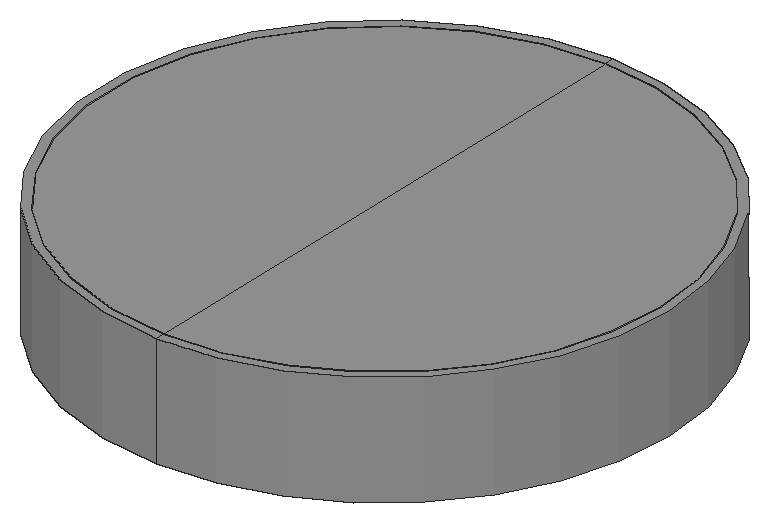
Revit family "PFRD-SMK", category Lighting Fixtures, host Face, Revit 2022
Family settings
  Host = Face
  Round Connector Dimension = Use Diameter
  Part Type = Normal
  Cut with Voids When Loaded = Yes
  Light Source = Yes
  Maintain Annotation Orientation = No
  Shared = No
  Room Calculation Point = No
Parameters (values of type "PFRD16-20W-3000K-SMK")
  Wattage Comments = "20W"
  Wattage = 12.7439 W
  built-in parameter 1150110 = 1 (stored number, unit not read)
  URL = "https://www.abovealllighting.com/Product/LED-INDOOR-FIXTURE/Pendant/PrimeFocusRound.html"
  built-in parameter 1114217 = 1 (stored number, unit not read)
  Tilt Angle = 90.00°
  built-in parameter 1150109 = 1 (stored number, unit not read)
  built-in parameter 1150134 = (empty or 0)
  built-in parameter 1150113 = 1 (stored number, unit not read)
  R = 0' - 7 109/128"
  Power Factor = "0.9"
  Photometric Web File = "PFRD16-20W-3000K.IES"
  Model = "PFRD16-20-30901-SMK-WH"
  Manufacturer = "Above All Lighting"  # constant formula
  built-in parameter 1150105 = 150.64 (stored number, unit not read)
  Lumens = 1893 lm
  built-in parameter 1150115 = 1 (stored number, unit not read)
  Load Classification = Lighting
  built-in parameter 1150137 = (empty or 0)
  built-in parameter 1150139 = (empty or 0)
  Lens = R - 0' 0 1/4"  # 0' - 7 77/128"
  built-in parameter 1150112 = 1 (stored number, unit not read)
  built-in parameter 1150114 = 1 (stored number, unit not read)
  Lamp = "LED"
  Input Voltage = "120-277V"
  built-in parameter 1150132 = 2
  built-in parameter 1150102 = (empty or 0)
  built-in parameter 1150107 = 3000 (stored number, unit not read)
  built-in parameter 1150138 = (empty or 0)
  built-in parameter 1150106 = 1.5064 (stored number, unit not read)
  built-in parameter 1150104 = 13.8 (stored number, unit not read)
  Dimming Lamp Color Temperature Shift = <None>
  Default Elevation = 0' - 0"
  Color Filter = 16777215
  CRI = "90"
  built-in parameter 1114218 = 1 (stored number, unit not read)
  built-in parameter 1150133 = 10 (stored number, unit not read)
Types (6): name | Wattage Comments | Wattage | R | Photometric Web File | Model | built-in parameter 1150105 | Lumens | Lens | built-in parameter 1150106
  (no name) | "20W" | 12.7439 W | 0' - 7 109/128" | "PFRD16-20W-3000K.IES" | "PFRD16-20-30901-SMK-WH" | 150.64 (stored number, unit not read) | 1893 lm | 0' - 7 77/128" | 1.5064 (stored number, unit not read)
  PFRD16-20W-3000K-SMK | "20W" | 12.7439 W | 0' - 7 109/128" | "PFRD16-20W-3000K.IES" | "PFRD16-20-30901-SMK-WH" | 150.64 (stored number, unit not read) | 1893 lm | 0' - 7 77/128" | 1.5064 (stored number, unit not read)
  PFRD19-25W-3000K-SMK | "25W" | 14.8712 W | 0' - 9 115/256" | "PFRD19-25W-3000K.IES" | "PFRD19-25-30901-SMK-WH" | 1517.3 (stored number, unit not read) | 2209 lm | 0' - 9 51/256" | 15.173 (stored number, unit not read)
  PFRD35-90W-3000K-SMK | "90W" | 49.9118 W | 1' - 5 179/256" | "PFRD35-90W-3000K.IES" | "PFRD35-90-30901-SMK-WH" | 4247.1 (stored number, unit not read) | 7414 lm | 1' - 5 115/256" | 42.471 (stored number, unit not read)
  PFRD47-180W-3000K-SMK | "180W" | 101.123 W | 1' - 11 77/128" | "PFRD47-180W-3000K.IES" | "PFRD47-180-30901-SMK-WH" | 3799.8 (stored number, unit not read) | 15021 lm | 1' - 11 45/128" | 37.998 (stored number, unit not read)
  PFRD59-220W-3000K-SMK | "220W" | 128.953 W | 2' - 5 1/2" | "PFRD59-220W-3000K.IES" | "PFRD59-220-30901-SMK-WH" | 4152.8 (stored number, unit not read) | 19155 lm | 2' - 5 1/4" | 41.528 (stored number, unit not read)
Reference planes (in)
  plane 1 "Center (Front/Back)": y = 0
  plane 2: z = 0
  plane 3 "Center (Left/Right)": x = 0
Forms (in)
  Revolve 1, solid, material "Paint"
    sketch origin (0, 0, 0) x (0, 1, 0) y (0, 0, 1)
      loop
        line (0, 0) -> (7.85156, 0) -> (7.85156, 3.1) -> (7.60156, 3.1) -> (7.60156, 2.35175) -> (0, 2.35175) -> (0, 0)
      axis (0, 3.1) -> (0, 0)
    angle from 0 to 360
  Revolve 2, solid, material "Glass, White, High Luminance"
    sketch origin (0, 1, 0) x (0, 1, 0) y (0, 0, 1)
      loop
        line (6.60156, 3.1) -> (-1, 3.1) -> (-1, 2.9736) -> (6.60156, 2.9736) -> (6.60156, 3.1)
      axis (-1, 3.1) -> (-1, 2.9736)
    angle from 0 to 360
Dimensions and locks (in)
  "R": Revolve 1 sketch curve to Revolve 1 sketch curve
  "Lens": Revolve 2 sketch curve to Revolve 2 sketch curve
  diameter of Revolve 2 = 1' - 3 13/64"
  aligned and locked: plane 2 to host face
  aligned and locked: level to host face
  aligned and locked: Revolve 1 sketch curve to plane 1 "Center (Front/Back)"
  aligned and locked: Revolve 2 sketch curve to Revolve 2 sketch curve
  aligned and locked: Revolve 2 sketch curve to plane 1 "Center (Front/Back)"
Automatic sketch dimensions
  host sketch curve to host sketch curve = 8' - 0"  (x2)
  Revolve 1 sketch curve to level = 0' - 0"
  Revolve 1 sketch curve to plane 1 "Center (Front/Back)" = 0' - 0"
  Revolve 1 sketch curve to Revolve 1 sketch curve = 0' - 0 1/4"
  level to Revolve 1 sketch curve = 0' - 2.35175"
  Revolve 1 sketch curve to Revolve 1 sketch curve = 0' - 0.74825"
  Revolve 1 sketch curve to level = 2' - 0"
  Revolve 1 sketch curve to Revolve 1 sketch curve = 7' - 5.92411"
  level to Revolve 2 sketch curve = 0' - 2.9736"
  Revolve 2 sketch curve to Revolve 2 sketch curve = 0' - 0.1264"
  Revolve 2 sketch curve to level = 2' - 0"
  Revolve 2 sketch curve to Revolve 2 sketch curve = 7' - 5.17586"
